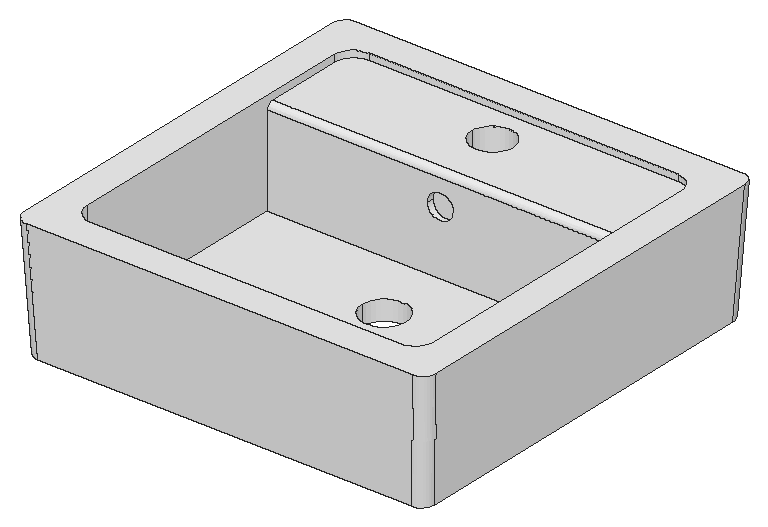
Revit family
Parameters (values of type "26020-00")
  URL = "http://www.porcher-us.com/"
  Revised Date = "17/12/2012"
  Product URL = "http://www.porcher-us.com/products/productDetail.aspx?id=4152"
  Phone # = "416-250-5656"
  Model = "26020-00"
  Material = Vitreous China
  Manufacturer = "Porcher"
  Designed By = "ATS BIM Team"
  Description = "Porcher Solutions™ Square Wall-Mounted Lavatory"
  Assembly Code = "D2010310"
Reference planes (in)
  plane 1 "Center (Front/Back)": y = 0
  plane 2: z = 0
  plane 3 "Center (Left/Right)": x = 0
  plane 4: x = -8
  plane 5: x = 8
  plane 6: y = 8
  plane 7: y = -8
  plane 8: z = 4.75
  plane 9: x = 0.8125
  plane 10: x = -0.8125
  plane 11: z = 3.25
Forms (in)
  Blend 1, solid, material "Vitreous China"
    base sketch origin (0, 0, 0) x (1, 0, 0) y (0, 1, 0)
      loop
        line (7.25, 7.75) -> (-7.25, 7.75)
        arc (-7.25, 7.75) -> (-7.60355, 7.60355) -> (-7.75, 7.25) r 0.5
        line (-7.75, 7.25) -> (-7.75, -7.25)
        arc (-7.75, -7.25) -> (-7.60355, -7.60355) -> (-7.25, -7.75) r 0.5
        line (-7.25, -7.75) -> (7.25, -7.75)
        arc (7.25, -7.75) -> (7.60355, -7.60355) -> (7.75, -7.25) r 0.5
        line (7.75, -7.25) -> (7.75, 7.25)
        arc (7.75, 7.25) -> (7.60355, 7.60355) -> (7.25, 7.75) r 0.5
    top sketch origin (0, 0, 0) x (1, 0, 0) y (0, 1, 0)
      loop
        arc (-7.5, 8) -> (-7.85355, 7.85355) -> (-8, 7.5) r 0.5
        line (-8, 7.5) -> (-8, -7.5)
        arc (-8, -7.5) -> (-7.85355, -7.85355) -> (-7.5, -8) r 0.5
        line (-7.5, -8) -> (7.5, -8)
        arc (7.5, -8) -> (7.85355, -7.85355) -> (8, -7.5) r 0.5
        line (8, -7.5) -> (8, 7.5)
        arc (8, 7.5) -> (7.85355, 7.85355) -> (7.5, 8) r 0.5
        line (7.5, 8) -> (-7.5, 8)
    from 0 to 4.75
  Extrusion 2, void
    sketch origin (0, 0, 0) x (1, 0, 0) y (0, 1, 0)
      loop
        line (6, 6.75) -> (-6, 6.75)
        arc (-6, 6.75) -> (-6.53033, 6.53033) -> (-6.75, 6) r 0.75
        line (-6.75, 6) -> (-6.75, -6)
        arc (-6.75, -6) -> (-6.53033, -6.53033) -> (-6, -6.75) r 0.75
        line (-6, -6.75) -> (6, -6.75)
        arc (6, -6.75) -> (6.53033, -6.53033) -> (6.75, -6) r 0.75
        line (6.75, -6) -> (6.75, 6)
        arc (6.75, 6) -> (6.53033, 6.53033) -> (6, 6.75) r 0.75
    from 0.75 to 4.75
  Extrusion 3, void
    sketch origin (0, 0, 0) x (1, 0, 0) y (0, 1, 0)
      loop
        circle (0, 0) r 0.875
    from 0 to 1.75
  Extrusion 4, solid, material "Vitreous China" <- "Material"
    sketch origin (0, 0, 0) x (0, 1, 0) y (0, 0, 1)
      loop
        line (6.75, 4.5) -> (2.98831, 4.5)
        arc (2.98831, 4.5) -> (2.81153, 4.42678) -> (2.73831, 4.25) r 0.25
        line (2.73831, 4.25) -> (2.73831, 0.75) -> (6.75, 0.75) -> (6.75, 4.5)
    from -6.75 to 6.75
  Extrusion 5, void
    sketch origin (0, 0, 0) x (1, 0, 0) y (0, 1, 0)
      loop
        circle (0, 5.25) r 0.8125
    from 3.43294 to 4.5
  Extrusion 6, void
    sketch origin (0, 0.79026, 0) x (1, 0, 0) y (0, 0, 1)
      loop
        circle (0, 3.25) r 0.5
    from -2.18636 to -1.94805
Cuts and joins
  Extrusion 2, Extrusion 3, Extrusion 5, Extrusion 6 cuts Blend 1
  Extrusion 5, Extrusion 6 cuts Extrusion 4
Dimensions and locks (in)
  plane 6 to plane 7 = 16"
  plane 4 to plane 5 = 16"
  plane 8 to level = 4 3/4"
